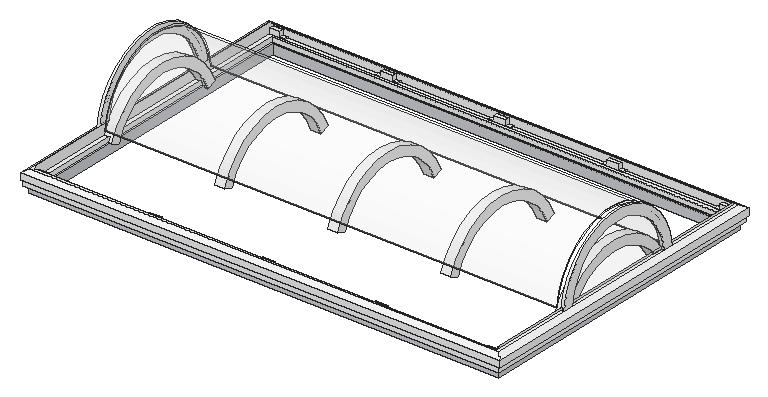
Revit family "Skylight_Architectural_ArtisticSkylight_MW-CF-FF-VE", category Windows, host Face, Revit 2026
Family settings
  Host = Face
  Classification Number = 23.30.30.17.24
  Cut with Voids When Loaded = No
  Shared = No
  Room Calculation Point = No
Parameters (values of type "96 x Unlimited")
  arch radius [instance] = 1' - 9"
  Width [instance] = 12' - 0"
  Water Penetration = "No Penetration at 12 psf"
  Warranty Duration (Years) = 0
  VLT [instance] = 0
  URL = "http://artisticskylight.com/"
  U-Factor [instance] = 0
  Test Data = "http://artisticskylight.com/technical-resources/"
  Structural Test Pressure = "Glazing +/- 60 psf"
  Standards Conformance = "Class A Type 2 or Type 3"
  Specification = "http://arcat.com/sdspecs/htm/08600asd.htm"
  SpecWizard = ""
  Send Message = "http://arcat.com/users.pl?action=UserEmail&company=Artistic+Skylight+Domes+Ltd.&coid=40563&rep=119&fax=416-747-6630&mf="
  Sales Information = "http://artisticskylight.com/contact-us/"
  SHGC [instance] = 0
  Rough Width [instance] = Width - (Curb Thickness * 2)  # 11' - 5"
  Rough Height = Height - (Curb Thickness * 2)  # 7' - 1 1/2"
  Roof Membrane Thickness [instance] = 0' - 0 1/4"
  Revision = "R1_02_2014"
  Product Properties = ""
  Product Data = "http://arcat.com/arcatcos/cos40/arc40563.html"
  Opening Width [instance] = 11' - 0"
  Opening Height [instance] = 1' - 9 1/4"
  Model = "MW-CF-FF-VE - 96"
  Manufacturer Website = "http://artisticskylight.com/"
  Manufacturer Phone - Toll Free = ""
  Manufacturer Phone = "416-747-7233"
  Manufacturer Fax = "416-747-6630"
  Manufacturer Address = "255 Regina Rd.  Vaughan, ON, Canada L4L 8M3"
  Manufacturer = "Artistic Skylight Domes Ltd."
  Maintenance Schedule (Months) = 0
  Keynote = "8600"
  Installation-Fabrication = ""
  Installation Phase = ""
  Height = 7' - 8 1/2"
  Green Building-LEED = "http://arcat.com/green/clients/leed_data_40563.html"
  Glazing Tint [instance] = Glass - ArtisticSkylight - Clear
  Frame Material [instance] = Vinyl - ArtisticSkylight - White
  Expected Lifespan (Years) = 0
  Drawn By = "Sumex Design, Inc. / Robert S. Weygant, CSI, CDT, SCIP"
  Description = "Artistic Skylights Fixed Continuous Skylight - Architectural Dome Model MW-CF-FF-VE - 96"
  Default Elevation = 0' - 0"
  Cut Depth [instance] = 1' - 2"
  Curb by Others [instance] = yes
  Curb Thickness = 0' - 3 1/2"
  Curb Height [instance] = 0' - 3"
  Copyright = "©Arcat Inc."
  Construction Details = "http://arcat.com/details/artsky/artsky.html?coid=40563"
  Building Codes = ""
  Assembly Code = "B3020110"
  Air Infiltration = "0.06 cfm"
Types (7): name | Rough Height | Model | Height | Description
  96 x Unlimited | 7' - 1 1/2" | "MW-CF-FF-VE - 96" | 7' - 8 1/2" | "Artistic Skylights Fixed Continuous Skylight - Architectural Dome Model MW-CF-FF-VE - 96"
  80 x Unlimited | 5' - 11" | "MW-CF-FF-VE - 80" | 6' - 6" | "Artistic Skylights Fixed Continuous Skylight - Architectural Dome Model MW-CF-FF-VE - 80"
  72 x Unlimited | 5' - 3" | "MW-CF-FF-VE - 72" | 5' - 10" | "Artistic Skylights Fixed Continuous Skylight - Architectural Dome Model MW-CF-FF-VE - 72"
  60 x Unlimited | 4' - 3" | "MW-CF-FF-VE - 60" | 4' - 10" | "Artistic Skylights Fixed Continuous Skylight - Architectural Dome Model MW-CF-FF-VE - 60"
  52 x Unlimited | 3' - 6 1/4" | "MW-CF-FF-VE - 52" | 4' - 1 1/4" | "Artistic Skylights Fixed Continuous Skylight - Architectural Dome Model MW-CF-FF-VE - 52"
  42 x Unlimited | 2' - 9" | "MW-CF-FF-VE - 42" | 3' - 4" | "Artistic Skylights Fixed Continuous Skylight - Architectural Dome Model MW-CF-FF-VE - 42"
  36 x Unlimited | 2' - 2 1/4" | "MW-CF-FF-VE - 36" | 2' - 9 1/4" | "Artistic Skylights Fixed Continuous Skylight - Architectural Dome Model MW-CF-FF-VE - 36"
Reference planes (in)
  plane 1 "Center (Front/Back)": y = 0
  plane 2: z = 0
  plane 3 "Center (Left/Right)": x = 0
  plane 4: y = 42.75
  plane 5: y = -42.75
  plane 6: x = -68.5
  plane 7: x = 68.5
  plane 8: y = 46.25
  plane 9: y = -46.25
  plane 10: x = 72
  plane 11: x = -72
  plane 12: z = -14
  plane 13: y = 10.625
  plane 14: y = -10.625
  plane 15: x = -66
  plane 16: x = 66
Forms (in)
  Extrusion 1, void
    sketch origin (0, 0, 0) x (1, 0, 0) y (0, 1, 0)
      loop
        line (-66, 10.625) -> (-66, -10.625) -> (66, -10.625) -> (66, 10.625) -> (-66, 10.625)
    from -14 to 0
  Extrusion 2, solid, visible <- "Curb by Others"
    sketch origin (0, 0, 0) x (1, 0, 0) y (0, 1, 0)
      loop
        line (-72, 46.25) -> (-72, -46.25) -> (72, -46.25) -> (72, 46.25) -> (-72, 46.25)
      loop
        line (-68.5, 42.75) -> (-68.5, -42.75) -> (68.5, -42.75) -> (68.5, 42.75) -> (-68.5, 42.75)
    from 0 to 3 <- "Curb Height"
Dimensions and locks (in)
  equal spacing: plane 4, plane 1 "Center (Front/Back)", plane 5
  "Height": plane 8 to plane 9
  equal spacing: plane 6, plane 3 "Center (Left/Right)", plane 7
  "Width": plane 11 to plane 10
  "Curb Thickness": plane 8 to plane 4
  "Curb Thickness": plane 5 to plane 9
  "Curb Thickness": plane 7 to plane 10
  "Curb Thickness": plane 11 to plane 6
  "Cut Depth": level to plane 12
  equal spacing: plane 15, plane 3 "Center (Left/Right)", plane 16
  equal spacing: plane 13, plane 1 "Center (Front/Back)", plane 14
  "Opening Height": plane 13 to plane 14
  "Opening Width": plane 15 to plane 16
  aligned and locked: host face to plane 2
  aligned and locked: host face to level
  aligned and locked: level to Extrusion 1
  aligned and locked: Extrusion 1 to plane 12
  aligned and locked: Extrusion 2 sketch curve to plane 9
  aligned and locked: Extrusion 2 sketch curve to plane 8
  aligned and locked: Extrusion 2 sketch curve to plane 11
  aligned and locked: Extrusion 2 sketch curve to plane 10
  aligned and locked: Extrusion 2 sketch curve to plane 5
  aligned and locked: Extrusion 2 sketch curve to plane 4
  aligned and locked: Extrusion 2 sketch curve to plane 7
  aligned and locked: Extrusion 2 sketch curve to plane 6
  aligned and locked: Extrusion 1 sketch curve to plane 13
  aligned and locked: Extrusion 1 sketch curve to plane 14
  aligned and locked: Extrusion 1 sketch curve to plane 16
  aligned and locked: plane 15 to Extrusion 1 sketch curve
Automatic sketch dimensions
  host sketch curve to host sketch curve = 15' - 5.26319"
  host sketch curve to host sketch curve = 7' - 11.68505"
Nested families (in)
  nested 1: "MWCFFFVE" at (0, 0, 0), glazing tint <- "Glazing Tint", frame material <- "Frame Material", roof membrane thickness <- "Roof Membrane Thickness", curbheight <- "Curb Height", arch radius <- "arch radius", Height <- "Height", Width <- "Width", type "MWCFFFVE"
    with topglassrad 1' - 8 5/8", topglassbrad 1' - 8", roof membrane thickness 0' - 0 1/4", outerglassstablerad 1' - 8 3/4", outerglassradstablebrad 1' - 5 3/4", glazing tint Glass - ArtisticSkylight - Clear, frame material Vinyl - ArtisticSkylight - White, endglassrad 1' - 7 9/16", curbheight 0' - 3", cover material none, archradminimum 3' - 10", arch radius 1' - 9", arch height 3' - 8.10468", Width 12' - 0", Height 7' - 8 1/2", Channel Count 5, CLLocate 0' - 1.89532"
Definition of nested family "MWCFFFVE"
  Parameters
    topglassrad [instance] = arch radius - 0' 0 3/8"  # 2' - 1 5/8"
    topglassbrad [instance] = arch radius - 0' 1"  # 2' - 1"
    roof membrane thickness [instance] = 0' - 0.36457"
    outerglassstablerad [instance] = arch radius - 0' 0 1/4"  # 2' - 1 3/4"
    outerglassradstablebrad [instance] = arch radius - 0' 3 1/4"  # 1' - 10 3/4"
    glazing tint [instance] = none
    frame material [instance] = none
    endglassrad [instance] = arch radius - 0' 1 7/16"  # 2' - 0 9/16"
    curbheight [instance] = 0' - 3"
    curb width = 0' - 2 1/8"
    cover material [instance] = none
    archradminimum [instance] = Height / 2 - 0' 0 1/4"  # 1' - 11 3/4"
    arch radius [instance] = 2' - 2"
    arch height [instance] = if(arch radius < archradminimum, archradminimum - CLLocate, arch radius - CLLocate)  # 1' - 3.33269"
    Width [instance] = 12' - 0"
    Warranty Duration (Years) = 0
    URL = ""
    Specification = ""
    SpecWizard = ""
    Send Message = ""
    Sales Information = ""
    Revision = "R1_01-2014"
    Product Properties = ""
    Product Data = ""
    Model = "As Specified"
    Manufacturer Website = ""
    Manufacturer Phone - Toll Free = ""
    Manufacturer Phone = ""
    Manufacturer Fax = ""
    Manufacturer Address = ""
    Manufacturer = ""
    Maintenance Schedule (Months) = 0
    Keynote = ""
    Installation-Fabrication = ""
    Installation Phase = ""
    Height [instance] = 4' - 0"
    Green Building-LEED = ""
    Expected Lifespan (Years) = 0
    Drawn By = "Sumex Design, Inc. / Robert S. Weygant, CSI, CDT, SCIP"
    Description = ""
    Default Elevation = 0' - 0"
    Copyright = "©Arcat Inc."
    Construction Details = ""
    Channel Count [instance] = 2 + (Width / 4' 0")  # 5
    CLLocate [instance] = if(arch radius < archradminimum, sqrt((archradminimum ^ 2) - (((Height - (0' 0 37/128" * 2)) / 2) ^ 2)), sqrt((arch radius ^ 2) - (((Height - (0' 0 37/128" * 2)) / 2) ^ 2)))  # 0' - 10.66731"
    Assembly Code = ""
  Reference planes (in)
    plane 1 "Center (Front/Back)": y = 0
    plane 2 "Bottom": z = 0
    plane 3 "Center (Left/Right)": x = 0
    plane 4 "Front": y = -24
    plane 5 "Back": y = 24
    plane 6 "Left": x = -72
    plane 7 "Right": x = 72
    plane 8: x = 69.875
    plane 9: x = -69.875
    plane 10: y = 21.875
    plane 11: y = -21.875
    plane 12: z = 3
    plane 13: z = 3.36457
    plane 14: x = 70.64824
    plane 15: x = -70.64824
    plane 16: x = -70.71074
    plane 17: x = -71.33475
    plane 18: x = 70.71074
    plane 19: x = 71.33475
    plane 20: x = -69.21074
    plane 21: x = 69.21074
    plane 22: z = 6.71702
    plane 23: z = 22.04971
  Forms (in)
    Sweep 1, solid, material <- "frame material"
      path origin (0, -20.47421, 3) x (0, -1, 0) y (1, 0, 0)
        loop
          line (-44.47421, -72) -> (3.52579, -72) -> (3.52579, 72) -> (-44.47421, 72) -> (-44.47421, -72)
      profile origin (0, 24, 3) x (0, 1, 0) y (0, 0, 1)
        loop
          line (-3.10176, 0.36457) -> (0.625, 0.36457) -> (0.625, -1.07293) -> (0.875, -1.07293) -> (0.875, 0.67707) -> (1.375, 0.67707) -> (1.375, 2.67707) -> (-0.28926, 3.71702) -> (-1.28926, 3.71702) -> (-1.28926, 4.46702) -> (-1.35176, 4.46702) -> (-1.35176, 1.59202) -> (-3.10176, 1.59202) -> (-3.10176, 0.36457)
    Extrusion 2, void
      sketch origin (0, 0, 0) x (0, 1, 0) y (0, 0, 1)
        loop
          line (21.875, 4.59202) -> (23.27324, 4.59202) -> (23.27324, 7.59202) -> (21.875, 7.59202) -> (21.875, 4.59202)
        loop
          line (-21.875, 4.59202) -> (-21.875, 7.59202) -> (-23.27324, 7.59202) -> (-23.27324, 4.59202) -> (-21.875, 4.59202)
      from -70.64824 to 70.64824
    Extrusion 3, solid, material <- "frame material"
      sketch origin (-70.71074, -180, 6.71702) x (0, 0, -1) y (0, -1, 0)
        loop
          arc (0, -156.56347) -> (-15.08269, -180) -> (0, -203.43653) r 25.75
          line (0, -203.43653) -> (0, -200.09406)
          arc (0, -200.09406) -> (-12.08269, -180) -> (0, -159.90594) r 22.75
          line (0, -159.90594) -> (0, -156.56347)
      from 0 to 0.6875
    Extrusion 4, solid, material <- "frame material"
      sketch origin (70.71074, -180, 6.71702) x (0, 0, -1) y (0, 1, 0)
        loop
          line (0, 156.56347) -> (0, 159.90594)
          arc (0, 159.90594) -> (-12.08269, 180) -> (0, 200.09406) r 22.75
          line (0, 200.09406) -> (0, 203.43653)
          arc (0, 203.43653) -> (-15.08269, 180) -> (0, 156.56347) r 25.75
      from 0 to 0.6875
    Extrusion 5, solid, material <- "glazing tint"
      sketch origin (0, 0, 0) x (0, 1, 0) y (0, 0, 1)
        loop
          arc (23.29912, 6.71702) -> (0, 21.67471) -> (-23.29912, 6.71702) r 25.625
          line (-23.29912, 6.71702) -> (-22.60992, 6.71702)
          arc (-22.60992, 6.71702) -> (0, 21.04971) -> (22.60992, 6.71702) r 25
          line (22.60992, 6.71702) -> (23.29912, 6.71702)
      from -69.21074 to 69.21074
    Extrusion 6, solid, material <- "glazing tint"
      sketch origin (70.71074, -180, 6.71702) x (0, 0, -1) y (0, 1, 0)
        loop
          arc (1, 202.58007) -> (-13.89519, 180) -> (1, 157.41993) r 24.5625
          line (1, 157.41993) -> (1, 202.58007)
      from 0 to 0.62401
    Extrusion 7, solid, material <- "glazing tint"
      sketch origin (-70.71074, -180, 6.71702) x (0, 0, -1) y (0, -1, 0)
        loop
          line (1, -202.58007) -> (1, -157.41993)
          arc (1, -157.41993) -> (-13.89519, -180) -> (1, -202.58007) r 24.5625
      from 0 to 0.62401
  Cuts and joins
    Extrusion 2 cuts Sweep 1
  Dimensions and locks (in)
    equal spacing: plane 6 "Left", plane 3 "Center (Left/Right)", plane 7 "Right"
    "Width": plane 6 "Left" to plane 7 "Right"
    equal spacing: plane 5 "Back", plane 1 "Center (Front/Back)", plane 4 "Front"
    "Height": plane 5 "Back" to plane 4 "Front"
    "curb width": plane 8 to plane 7 "Right"
    "curb width": plane 6 "Left" to plane 9
    "curb width": plane 5 "Back" to plane 10
    "curb width": plane 11 to plane 4 "Front"
    "curbheight": plane 12 to level
    "roof membrane thickness": plane 13 to plane 12
    Extrusion 2 sketch curve to Extrusion 2 sketch curve to plane 5 "Back" = 0' - 1.39824" locked, 0' - 0.72676" locked
    locked: plane 15 to plane 6 "Left" at 1.35176
    locked: plane 7 "Right" to plane 14 at 1.35176
    locked: Extrusion 2 sketch curve to Extrusion 2 sketch curve at 1.39824
    locked: plane 4 "Front" to Extrusion 2 sketch curve at 0.72676
    plane 17 to plane 16 to plane 15 = 0' - 0.62401" locked, 0' - 0 1/16" locked
    plane 14 to plane 18 to plane 19 = 0' - 0 1/16" locked, 0' - 0.62401" locked
    locked: plane 16 to plane 20 at 1.5
    locked: plane 18 to plane 21 at 1.5
    equal spacing: group 1, group 3, group 4, group 5, group 2  (x3)
    locked: plane 22 to plane 13 at 3.35245
    "arch height": plane 22 to plane 23
    "CLLocate": Extrusion 3 sketch curve to plane 22  (x2)
    "CLLocate": Extrusion 4 sketch curve to plane 22  (x2)
    "CLLocate": Extrusion 5 sketch curve to plane 22  (x2)
    locked: Extrusion 6 sketch curve to plane 22 at 1
    "CLLocate": Extrusion 6 sketch curve to plane 22
    locked: Extrusion 7 sketch curve to plane 22 at 1
    "CLLocate": Extrusion 7 sketch curve to plane 22
    Sweep 1 sketch curve to Sweep 1 sketch curve to Sweep 1 sketch curve to Sweep 1 sketch curve to Sweep 1 sketch curve to plane 12 to Sweep 1 sketch curve = 0' - 0 3/4" locked, 0' - 1.03995" locked, 0' - 1.08505" locked, 0' - 0.91495" locked, 0' - 0.67707" locked, 0' - 1.07293" locked
    "outerglassstablerad": radius of Extrusion 3 sketch curve
    "outerglassradstablebrad": radius of Extrusion 3 sketch curve
    "outerglassstablerad": radius of Extrusion 4 sketch curve
    "outerglassradstablebrad": radius of Extrusion 4 sketch curve
    "topglassrad": radius of Extrusion 5 sketch curve
    "topglassbrad": radius of Extrusion 5 sketch curve
    "endglassrad": radius of Extrusion 6 sketch curve
    "endglassrad": radius of Extrusion 7 sketch curve
    aligned and locked: Sweep 1 sketch curve to plane 7 "Right"
    aligned and locked: Sweep 1 sketch curve to plane 5 "Back"
    aligned and locked: Sweep 1 sketch curve to plane 6 "Left"
    aligned and locked: Sweep 1 sketch curve to plane 4 "Front"
    aligned and locked: Extrusion 2 to plane 14
    aligned and locked: plane 15 to Extrusion 2
    aligned and locked: plane 20 to nested 1
    aligned and locked: nested 2 to plane 21
    aligned and locked: nested 1 to plane 1 "Center (Front/Back)"
    aligned and locked: plane 1 "Center (Front/Back)" to nested 2
    aligned and locked: Extrusion 3 sketch curve to plane 22  (x2)
    aligned and locked: Extrusion 4 sketch curve to plane 22  (x2)
    aligned and locked: Extrusion 5 sketch curve to plane 22  (x2)
    aligned and locked: Extrusion 5 to plane 20
    aligned and locked: Extrusion 5 to plane 21
    aligned and locked: plane 19 to Extrusion 6
    aligned and locked: Extrusion 6 to plane 18
    aligned and locked: Extrusion 7 to plane 17
    aligned and locked: plane 13 to Sweep 1 sketch curve
  Automatic sketch dimensions
    plane 13 to Extrusion 2 sketch curve = 0' - 1.22745"  (x2)
    Extrusion 2 sketch curve to plane 22 = 0' - 0 7/8"  (x2)
    Extrusion 3 sketch curve to Extrusion 3 sketch curve = 0' - 0"
    Extrusion 3 sketch curve to plane 1 "Center (Front/Back)" = 0' - 0"
    Extrusion 4 sketch curve to Extrusion 4 sketch curve = 0' - 0"
    Extrusion 4 sketch curve to plane 1 "Center (Front/Back)" = 0' - 0"
    Extrusion 5 sketch curve to Extrusion 5 sketch curve = 0' - 0"
    Extrusion 5 sketch curve to plane 1 "Center (Front/Back)" = 0' - 0"
    Extrusion 6 sketch curve to plane 1 "Center (Front/Back)" = 0' - 0"
    Extrusion 7 sketch curve to plane 1 "Center (Front/Back)" = 0' - 0"
    profile plane to Sweep 1 sketch curve = 0' - 3.10176"
    profile plane to Sweep 1 sketch curve = 0' - 1.35176"
    Sweep 1 sketch curve to Sweep 1 sketch curve = 0' - 0 1/16"
    profile plane to Sweep 1 sketch curve = 0' - 0.28926"
    Sweep 1 sketch curve to profile plane = 0' - 0 5/8"
    Sweep 1 sketch curve to Sweep 1 sketch curve = 0' - 0 1/4"
    Sweep 1 sketch curve to profile plane = 0' - 1 3/8"
  Nested families (in)
    nested 1: "MWCFFFVE_Channel" at (-69.21074, 0, 0), roof membrane thickness <- "roof membrane thickness", curbheight <- "curbheight", Height <- "Height", frame material <- "frame material", arch radius <- "arch radius", type "MWCFFFVE_Channel"
      with roof membrane thickness 0' - 0.36457", glazing tint none, frame material none, curbheight 0' - 3", curb interior color none, cover material none, arch radius 2' - 2", arch height 1' - 3.33269", Width 12' - 0", Screen Material none, Height 4' - 0", CLLocate 0' - 10.66731"
    nested 2: "MWCFFFVE_Channel" at (69.21074, 0, 0), roof membrane thickness <- "roof membrane thickness", curbheight <- "curbheight", Height <- "Height", frame material <- "frame material", arch radius <- "arch radius", type "MWCFFFVE_Channel"
      with roof membrane thickness 0' - 0.36457", glazing tint none, frame material none, curbheight 0' - 3", curb interior color none, cover material none, arch radius 2' - 2", arch height 1' - 3.33269", Width 12' - 0", Screen Material none, Height 4' - 0", CLLocate 0' - 10.66731"
    nested 3: "MWCFFFVE_Channel" at (-34.60537, 0, 0), roof membrane thickness <- "roof membrane thickness", curbheight <- "curbheight", Height <- "Height", frame material <- "frame material", arch radius <- "arch radius", type "MWCFFFVE_Channel"
      with roof membrane thickness 0' - 0.36457", glazing tint none, frame material none, curbheight 0' - 3", curb interior color none, cover material none, arch radius 2' - 2", arch height 1' - 3.33269", Width 12' - 0", Screen Material none, Height 4' - 0", CLLocate 0' - 10.66731"
    nested 4: "MWCFFFVE_Channel" at (0, 0, 0), roof membrane thickness <- "roof membrane thickness", curbheight <- "curbheight", Height <- "Height", frame material <- "frame material", arch radius <- "arch radius", type "MWCFFFVE_Channel"
      with roof membrane thickness 0' - 0.36457", glazing tint none, frame material none, curbheight 0' - 3", curb interior color none, cover material none, arch radius 2' - 2", arch height 1' - 3.33269", Width 12' - 0", Screen Material none, Height 4' - 0", CLLocate 0' - 10.66731"
    nested 5: "MWCFFFVE_Channel" at (34.60537, 0, 0), roof membrane thickness <- "roof membrane thickness", curbheight <- "curbheight", Height <- "Height", frame material <- "frame material", arch radius <- "arch radius", type "MWCFFFVE_Channel"
      with roof membrane thickness 0' - 0.36457", glazing tint none, frame material none, curbheight 0' - 3", curb interior color none, cover material none, arch radius 2' - 2", arch height 1' - 3.33269", Width 12' - 0", Screen Material none, Height 4' - 0", CLLocate 0' - 10.66731"
  Definition of nested family "MWCFFFVE_Channel"
    Parameters
      roof membrane thickness [instance] = 0' - 0.36457"
      glazing tint [instance] = none
      frame material [instance] = none
      curbheight [instance] = 0' - 3"
      curb width = 0' - 2 1/8"
      curb interior color [instance] = none
      cover material [instance] = none
      arch radius [instance] = 1' - 8"
      arch height [instance] = arch radius - CLLocate  # 0' - 8.46149"
      Width [instance] = 12' - 0"
      Warranty Duration (Years) = 0
      URL = ""
      Specification = ""
      SpecWizard = ""
      Send Message = ""
      Screen Material [instance] = none
      Sales Information = ""
      Revision = "R1_01-2014"
      Product Properties = ""
      Product Data = ""
      Model = "As Specified"
      Manufacturer Website = ""
      Manufacturer Phone - Toll Free = ""
      Manufacturer Phone = ""
      Manufacturer Fax = ""
      Manufacturer Address = ""
      Manufacturer = ""
      Maintenance Schedule (Months) = 0
      Keynote = ""
      Installation-Fabrication = ""
      Installation Phase = ""
      Height [instance] = 2' - 9 1/4"
      Green Building-LEED = ""
      Expected Lifespan (Years) = 0
      Drawn By = "Sumex Design, Inc. / Robert S. Weygant, CSI, CDT, SCIP"
      Description = ""
      Default Elevation = 0' - 0"
      Copyright = "©Arcat Inc."
      Construction Details = ""
      CLLocate [instance] = sqrt((arch radius ^ 2) - (((Height - (0' 0 37/128" * 2)) / 2) ^ 2))  # 0' - 11.53851"
      Assembly Code = ""
    Reference planes (in)
      plane 1 "Center (Front/Back)": y = 0
      plane 2 "Bottom": z = 0
      plane 3 "Center (Left/Right)": x = 0
      plane 4 "Front": y = -16.625
      plane 5 "Back": y = 16.625
      plane 6: y = 14.5
      plane 7: y = -14.5
      plane 8: z = 3
      plane 9: z = 3.36457
      plane 10: z = 15.17851
      plane 11: z = 6.71702
      plane 12: y = -16.33574
      plane 13: y = 16.33574
      plane 14: z = 4.59202
    Forms (in)
      Sweep 1, solid, material <- "frame material"
        path origin (0, 0, 0) x (0, 1, 0) y (0, 0, 1)
          loop
            arc (-18.24797, 3.36457) -> (0, 15.17851) -> (18.24797, 3.36457) r 20
        profile origin (0, 0, 15.17851) x (0, 0, 1) y (1, 0, 0)
          loop
            line (0, 1.5) -> (-2.875, 1.5) -> (-2.875, -1.5) -> (0, -1.5) -> (0, 1.5)
      Extrusion 2, void
        sketch origin (0, 0, 0) x (0, 1, 0) y (0, 0, 1)
          loop
            line (-11.5, 4.59202) -> (-16.33574, 4.59202) -> (-16.33574, 6.71702) -> (-19.625, 6.71702) -> (-19.625, 0) -> (-11.5, 0) -> (-11.5, 4.59202)
          loop
            line (11.5, 4.59202) -> (11.5, 0) -> (19.625, 0) -> (19.625, 6.71702) -> (16.33574, 6.71702) -> (16.33574, 4.59202) -> (11.5, 4.59202)
        from 1.5 to -1.5
      Extrusion 3, solid, material <- "frame material"
        sketch origin (0, 0, 0) x (0, 1, 0) y (0, 0, 1)
          loop
            line (-16.33574, 4.59202) -> (-14.58574, 4.59202) -> (-14.58574, 6.34202) -> (-16.33574, 6.34202) -> (-16.33574, 4.59202)
          loop
            line (16.33574, 4.59202) -> (16.33574, 6.34202) -> (14.58574, 6.34202) -> (14.58574, 4.59202) -> (16.33574, 4.59202)
        from 1.75 to -1.75
      Extrusion 4, solid, material <- "frame material"
        sketch origin (0, 0, 0) x (0, 1, 0) y (0, 0, 1)
          loop
            line (-16.33574, 4.59202) -> (-14.58574, 4.59202) -> (-14.58574, 4.84202) -> (-16.33574, 4.84202) -> (-16.33574, 4.59202)
          loop
            line (16.33574, 4.59202) -> (16.33574, 4.84202) -> (14.58574, 4.84202) -> (14.58574, 4.59202) -> (16.33574, 4.59202)
        from -3.25 to 3.25
    Cuts and joins
      Extrusion 2 cuts Sweep 1
      Extrusion 2 cuts Extrusion 3
      Extrusion 2 cuts Extrusion 4
      joined: Extrusion 3, Extrusion 4
    Lines and regions (in)
      symbolic lines
        curve 1: line (1.75, 0, 4.59202) -> (3.25, 0, 4.59202)
    Dimensions and locks (in)
      equal spacing: plane 5 "Back", plane 1 "Center (Front/Back)", plane 4 "Front"
      "Height": plane 5 "Back" to plane 4 "Front"
      "curb width": plane 5 "Back" to plane 6
      "curb width": plane 7 to plane 4 "Front"
      "curbheight": plane 8 to level
      "roof membrane thickness": plane 9 to plane 8
      locked: plane 11 to plane 9 at 3.35245
      "arch height": plane 11 to plane 10
      locked: plane 4 "Front" to plane 12 at 0.28926
      locked: plane 13 to plane 5 "Back" at 0.28926
      "CLLocate": Sweep 1 sketch curve to plane 11
      locked: Sweep 1 sketch curve to plane 1 "Center (Front/Back)" at 0
      locked: Extrusion 2 sketch curve to plane 4 "Front" at 3
      locked: plane 12 to Extrusion 4 sketch curve at 1.75
      Extrusion 4 sketch curve to Extrusion 4 sketch curve to plane 9 = 0' - 0 1/4" locked, 0' - 1.22745" locked  (x2)
      locked: Extrusion 4 sketch curve to plane 13 at 1.75
      locked: plane 12 to Extrusion 3 sketch curve at 1.75
      Extrusion 3 sketch curve to Extrusion 3 sketch curve to plane 9 = 0' - 1 3/4" locked, 0' - 1.22745" locked
      locked: Extrusion 3 sketch curve to Extrusion 3 sketch curve at 1.75
      locked: Extrusion 3 sketch curve to plane 9 at 1.22745
      locked: Extrusion 3 sketch curve to plane 13 at 1.75
      locked: plane 14 to plane 11 at 2.125
      locked: plane 7 to Extrusion 2 sketch curve at 3
      locked: Extrusion 2 sketch curve to plane 6 at 3
      locked: plane 5 "Back" to Extrusion 2 sketch curve at 3
      "arch radius": radius of Sweep 1 sketch curve
      aligned and locked: Extrusion 2 sketch curve to level
      aligned and locked: Extrusion 4 sketch curve to plane 12
      aligned and locked: Extrusion 4 sketch curve to plane 13
      aligned and locked: plane 12 to Extrusion 3 sketch curve
      aligned and locked: plane 13 to Extrusion 3 sketch curve
      aligned and locked: plane 9 to Sweep 1 sketch curve  (x2)
      aligned and locked: plane 14 to Extrusion 2 sketch curve
      aligned and locked: Extrusion 2 sketch curve to plane 12
      aligned and locked: Extrusion 2 sketch curve to plane 11
      aligned and locked: Extrusion 2 sketch curve to plane 13
      aligned and locked: plane 11 to Extrusion 2 sketch curve
      aligned and locked: Extrusion 2 sketch curve to plane 14
    Automatic sketch dimensions
      plane 3 "Center (Left/Right)" to curve 1 = 0' - 1 3/4"
      curve 1 to curve 1 = 0' - 1 1/2"
      plane 9 to curve 1 = 0' - 1.22745"
      Sweep 1 sketch curve to profile plane = 0' - 0"
      profile plane to Sweep 1 sketch curve = 0' - 2 7/8"
      Sweep 1 sketch curve to plane 3 "Center (Left/Right)" = 0' - 1 1/2"
      plane 3 "Center (Left/Right)" to Sweep 1 sketch curve = 0' - 1 1/2"
      Extrusion 2 sketch curve to level = 0' - 0"
